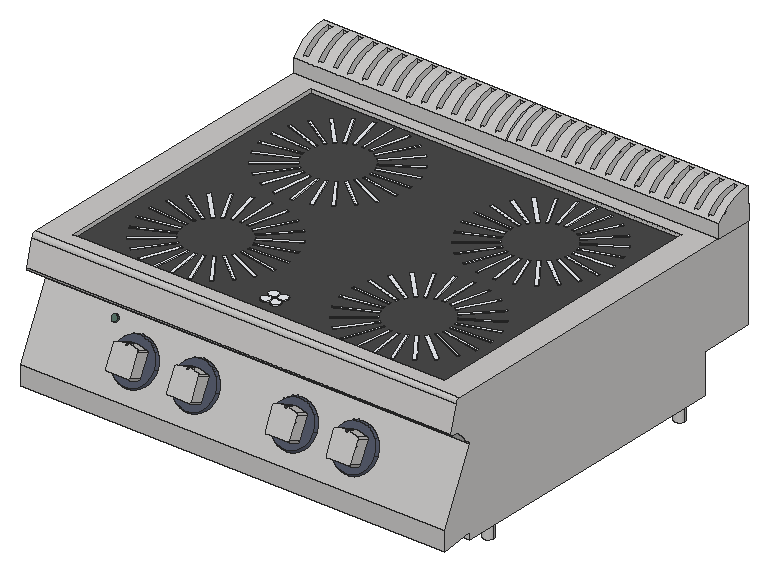
Revit family "QF_ZANUSSI_372025_Z7IREH4000", category Specialty Equipment, Revit 2018
Family settings
  Round Connector Dimension = Use Diameter
  Part Type = Normal
  Work Plane-Based = No
  Always vertical = Yes
  Cut with Voids When Loaded = No
  Shared = No
  Room Calculation Point = No
Parameters
  Width = 800.00 mm  # constant formula
  Weight in Pounds = 77  # constant formula
  Weight = 0.00 kg
  Watts = 8800 W  # constant formula
  Volts = 400 V  # constant formula
  URL Manufacturer = "http://www.zanussiprofessional.com"
  URL Cutsheet = "www.electrolux.com/foodservice"
  URL = "http://www.zanussiprofessional.com"
  Type Mark [instance] = ""
  Steam Supply Size = 0"
  Steam Supply Minimum Pressure = 0.00 psi
  Steam Supply Maximum Pressure = 0.00 psi
  Steam Pounds per Hour = 0
  Status [instance] = ""
  Specification by User [instance] = ""
  Specification by Manufacturer = ""
  Show Logo [instance] = yes
  Show Clearance [instance] = yes
  Serial Number = ""
  Seismic Rating = ""
  SMACNA No = ""
  Revision Code [instance] = ""
  Refrigeration Suction Line Size = 0"
  Refrigeration Liquid Line Size = 0"
  Refrigerant Compressor Remote = yes
  Phase = 3  # constant formula
  Omniclass Number and Title = ""
  Number of Poles [instance] = 1
  NAFEM Spec ID Number = ""
  Model = "Z7IREH4000"
  Min Ckt Ampacity = 0 A
  Max Overcurrent Protection = 0 A
  Masterspec = ""
  Manufacturer = "Zanussi"
  Length Actual = 800.00 mm  # constant formula
  Item Number [instance] = "372025"
  Installed By [instance] = ""
  Identify Quantity as Lot [instance] = yes
  Hot Water Size = 0"
  Height Actual = 250.00 mm  # constant formula
  Height = 332.00 mm  # constant formula
  HP = "11.8 HP"
  Gas Size = 0"
  Gas KW = 0
  Gas Input = 0.0 Btu/h
  Furnished By [instance] = ""
  Foodservice Equipment Identifier [instance] = yes
  FL Amps = if(Phase = 3, Watts / (Volts * 1.73), Watts / Volts)  # 12.7168 A
  Electrical Remarks [instance] = "400 V/3N ph/50/60 Hz"  # constant formula
  Electric Connection Type [instance] = ""
  Elec Conn RI Height [instance] = 0.00 mm
  Elec Conn Connection Height [instance] = 0.00 mm
  Direct Waste Size = 0"
  Description = "INFRARED COOKING TOP 800 MM"
  Depth Actual = 700.00 mm  # constant formula
  Depth = 715.00 mm  # constant formula
  Cycle = if([60 Hertz Option], 60 Hz, 50 Hz)  # 60 Hz
  Conn Plug = ""
  Conn Conduit = yes
  Condensate Return Size = 0"
  Compressed Air Volume = 0 GPM
  Compressed Air Size = 0"
  Compressed Air Pressure = 0.00 psi
  Cold Water Size = 0"
  CSI MasterFormat = ""
  CSI Master Format = ""
  Base Height [instance] = 24.00 mm  # constant formula
  Apparent Power = if(Phase = 3, Volts * FL Amps * 1.73, Volts * FL Amps)  # 8800 VA
  Accessory = yes
  60 Hertz Option = not([50 Hertz Option])  # yes
  50 Hertz Option = no
Reference planes
  plane 1 "BACK": y = 0
  plane 2: z = 0
  plane 3 "LEFT": x = 0
  plane 4 "RIGHT": x = 800
  plane 5 "FRONT": y = -715
  plane 6 "TOP": z = 332
  plane 7 "Center Y": x = 400
  plane 8 "Center X": y = -357.5
  plane 9 "BASE": z = 24
  plane 10 "TOP A": z = 274
  plane 11: y = -597.884
  plane 12: y = -147.637
  plane 13 "panel": through (-6096, -715, 63.746) normal (0, 0.8956, -0.4448)
Forms (mm)
  Extrusion 1, solid, material "QF_Finishes_Stainless Steel"
    sketch origin (0, 0, 0) x (0, 1, 0) y (0, 0, 1)
      loop
        line (0, 98) -> (0, 274) -> (-679.358, 274)
        arc (-679.358, 274) -> (-684.643, 271.811) -> (-686.833, 266.526) r 7.474
        line (-686.833, 266.526) -> (-699.884, 221.011)
        arc (-699.884, 221.011) -> (-699.396, 218.379) -> (-697, 217.184) r 3
        line (-697, 217.184) -> (-686.802, 217.184) -> (-654.982, 185.364) -> (-715, 64.508) -> (-715, 29.508) -> (-658.645, 37.428)
        arc (-658.645, 37.428) -> (-656.101, 36.674) -> (-655, 34.259) r 3.2
        line (-655, 34.259) -> (-655, 24) -> (-103, 24) -> (-103, 98) -> (0, 98)
    from 0 to 800
  Extrusion 2, void
    sketch origin (0, 0, 274) x (-1, 0, 0) y (0, -1, 0)
      loop
        line (-50, 93.262) -> (-50, 653.262) -> (-750, 653.262) -> (-750, 93.262) -> (-50, 93.262)
    from 0 to -6.35
  Extrusion 3, solid, material "QF_Finishes_Stainless Steel"
    sketch origin (0, 0, 0) x (1, 0, 0) y (0, 1, 0)
      loop
        circle (11.112, -147.638) r 9.525
      loop
        circle (11.112, -597.884) r 9.525
      loop
        circle (788.887, -147.638) r 9.525
      loop
        circle (788.887, -597.884) r 9.525
    from 0 to 24
  Extrusion 4, solid, material "QF_Finishes_Stainless Steel"
    sketch origin (11.5, -101.6, 101.788) x (0, 0, -1) y (-1, 0, 0)
      loop
        circle (43.882, -736.5) r 12.7
    from -1.4 to 12.7
  Extrusion 5, solid, material "QF_Finishes_Clearance", visible <- "Show Clearance", detail levels coarse
    sketch origin (0, 0, 0) x (1, 0, 0) y (0, 1, 0)
      loop
        line (0, -715) -> (0, 0) -> (800, 0) -> (800, -715) -> (950.019, -715) -> (950.019, 150.019) -> (-150.019, 150.019) -> (-150.019, -715) -> (0, -715)
    from 0 to 332
  Extrusion 6, solid, material "QF_Finishes_Stainless Steel"
    sketch origin (0, 0, -1.4) x (0, 1, 0) y (0, 0, 1)
      loop
        line (0, 275.4) -> (0, 334.138)
        arc (0, 334.138) -> (-38.879, 325.754) -> (-69.85, 300.8) r 86.156
        line (-69.85, 300.8) -> (-69.85, 275.4) -> (0, 275.4)
    from 0 to 800.1
  Extrusion 7, void
    sketch origin (0, 0, 273.238) x (-1, 0, 0) y (0, -1, 0)
      loop
        line (-13.453, 6.761) -> (-13.453, 63.911) -> (-22.749, 63.911) -> (-22.749, 6.761) -> (-13.453, 6.761)
    from 25.4 to 63.5
  Extrusion 8, void
    sketch origin (361.95, 0, 273.238) x (-1, 0, 0) y (0, -1, 0)
      loop
        line (-13.453, 6.761) -> (-13.453, 63.911) -> (-22.749, 63.911) -> (-22.749, 6.761) -> (-13.453, 6.761)
    from 25.4 to 63.5
  Extrusion 9, void
    sketch origin (27.842, 0, 273.238) x (-1, 0, 0) y (0, -1, 0)
      loop
        line (-13.453, 6.761) -> (-13.453, 63.911) -> (-22.749, 63.911) -> (-22.749, 6.761) -> (-13.453, 6.761)
    from 25.4 to 63.5
  Extrusion 10, void
    sketch origin (55.685, 0, 273.238) x (-1, 0, 0) y (0, -1, 0)
      loop
        line (-13.453, 6.761) -> (-13.453, 63.911) -> (-22.749, 63.911) -> (-22.749, 6.761) -> (-13.453, 6.761)
    from 25.4 to 63.5
  Extrusion 11, void
    sketch origin (83.527, 0, 273.238) x (-1, 0, 0) y (0, -1, 0)
      loop
        line (-13.453, 6.761) -> (-13.453, 63.911) -> (-22.749, 63.911) -> (-22.749, 6.761) -> (-13.453, 6.761)
    from 25.4 to 63.5
  Extrusion 12, void
    sketch origin (111.369, 0, 273.238) x (-1, 0, 0) y (0, -1, 0)
      loop
        line (-13.453, 6.761) -> (-13.453, 63.911) -> (-22.749, 63.911) -> (-22.749, 6.761) -> (-13.453, 6.761)
    from 25.4 to 63.5
  Extrusion 13, void
    sketch origin (139.212, 0, 273.238) x (-1, 0, 0) y (0, -1, 0)
      loop
        line (-13.453, 6.761) -> (-13.453, 63.911) -> (-22.749, 63.911) -> (-22.749, 6.761) -> (-13.453, 6.761)
    from 25.4 to 63.5
  Extrusion 14, void
    sketch origin (167.054, 0, 273.238) x (-1, 0, 0) y (0, -1, 0)
      loop
        line (-13.453, 6.761) -> (-13.453, 63.911) -> (-22.749, 63.911) -> (-22.749, 6.761) -> (-13.453, 6.761)
    from 25.4 to 63.5
  Extrusion 15, void
    sketch origin (194.896, 0, 273.238) x (-1, 0, 0) y (0, -1, 0)
      loop
        line (-13.453, 6.761) -> (-13.453, 63.911) -> (-22.749, 63.911) -> (-22.749, 6.761) -> (-13.453, 6.761)
    from 25.4 to 63.5
  Extrusion 16, void
    sketch origin (222.738, 0, 273.238) x (-1, 0, 0) y (0, -1, 0)
      loop
        line (-13.453, 6.761) -> (-13.453, 63.911) -> (-22.749, 63.911) -> (-22.749, 6.761) -> (-13.453, 6.761)
    from 25.4 to 63.5
  Extrusion 17, void
    sketch origin (250.581, 0, 273.238) x (-1, 0, 0) y (0, -1, 0)
      loop
        line (-13.453, 6.761) -> (-13.453, 63.911) -> (-22.749, 63.911) -> (-22.749, 6.761) -> (-13.453, 6.761)
    from 25.4 to 63.5
  Extrusion 18, void
    sketch origin (278.423, 0, 273.238) x (-1, 0, 0) y (0, -1, 0)
      loop
        line (-13.453, 6.761) -> (-13.453, 63.911) -> (-22.749, 63.911) -> (-22.749, 6.761) -> (-13.453, 6.761)
    from 25.4 to 63.5
  Extrusion 19, void
    sketch origin (306.265, 0, 273.238) x (-1, 0, 0) y (0, -1, 0)
      loop
        line (-13.453, 6.761) -> (-13.453, 63.911) -> (-22.749, 63.911) -> (-22.749, 6.761) -> (-13.453, 6.761)
    from 25.4 to 63.5
  Extrusion 20, void
    sketch origin (334.108, 0, 273.238) x (-1, 0, 0) y (0, -1, 0)
      loop
        line (-13.453, 6.761) -> (-13.453, 63.911) -> (-22.749, 63.911) -> (-22.749, 6.761) -> (-13.453, 6.761)
    from 25.4 to 63.5
  Extrusion 21, void
    sketch origin (800.1, 0, 273.238) x (1, 0, 0) y (0, 1, 0)
      loop
        line (-13.453, -6.761) -> (-22.749, -6.761) -> (-22.749, -63.911) -> (-13.453, -63.911) -> (-13.453, -6.761)
    from 25.4 to 63.5
  Extrusion 22, void
    sketch origin (438.15, 0, 273.238) x (1, 0, 0) y (0, 1, 0)
      loop
        line (-13.453, -6.761) -> (-22.749, -6.761) -> (-22.749, -63.911) -> (-13.453, -63.911) -> (-13.453, -6.761)
    from 25.4 to 63.5
  Extrusion 23, void
    sketch origin (772.258, 0, 273.238) x (1, 0, 0) y (0, 1, 0)
      loop
        line (-13.453, -6.761) -> (-22.749, -6.761) -> (-22.749, -63.911) -> (-13.453, -63.911) -> (-13.453, -6.761)
    from 25.4 to 63.5
  Extrusion 24, void
    sketch origin (744.415, 0, 273.238) x (1, 0, 0) y (0, 1, 0)
      loop
        line (-13.453, -6.761) -> (-22.749, -6.761) -> (-22.749, -63.911) -> (-13.453, -63.911) -> (-13.453, -6.761)
    from 25.4 to 63.5
  Extrusion 25, void
    sketch origin (716.573, 0, 273.238) x (1, 0, 0) y (0, 1, 0)
      loop
        line (-13.453, -6.761) -> (-22.749, -6.761) -> (-22.749, -63.911) -> (-13.453, -63.911) -> (-13.453, -6.761)
    from 25.4 to 63.5
  Extrusion 26, void
    sketch origin (688.731, 0, 273.238) x (1, 0, 0) y (0, 1, 0)
      loop
        line (-13.453, -6.761) -> (-22.749, -6.761) -> (-22.749, -63.911) -> (-13.453, -63.911) -> (-13.453, -6.761)
    from 25.4 to 63.5
  Extrusion 27, void
    sketch origin (660.888, 0, 273.238) x (1, 0, 0) y (0, 1, 0)
      loop
        line (-13.453, -6.761) -> (-22.749, -6.761) -> (-22.749, -63.911) -> (-13.453, -63.911) -> (-13.453, -6.761)
    from 25.4 to 63.5
  Extrusion 28, void
    sketch origin (633.046, 0, 273.238) x (1, 0, 0) y (0, 1, 0)
      loop
        line (-13.453, -6.761) -> (-22.749, -6.761) -> (-22.749, -63.911) -> (-13.453, -63.911) -> (-13.453, -6.761)
    from 25.4 to 63.5
  Extrusion 29, void
    sketch origin (605.204, 0, 273.238) x (1, 0, 0) y (0, 1, 0)
      loop
        line (-13.453, -6.761) -> (-22.749, -6.761) -> (-22.749, -63.911) -> (-13.453, -63.911) -> (-13.453, -6.761)
    from 25.4 to 63.5
  Extrusion 30, void
    sketch origin (577.362, 0, 273.238) x (1, 0, 0) y (0, 1, 0)
      loop
        line (-13.453, -6.761) -> (-22.749, -6.761) -> (-22.749, -63.911) -> (-13.453, -63.911) -> (-13.453, -6.761)
    from 25.4 to 63.5
  Extrusion 31, void
    sketch origin (549.519, 0, 273.238) x (1, 0, 0) y (0, 1, 0)
      loop
        line (-13.453, -6.761) -> (-22.749, -6.761) -> (-22.749, -63.911) -> (-13.453, -63.911) -> (-13.453, -6.761)
    from 25.4 to 63.5
  Extrusion 32, void
    sketch origin (521.677, 0, 273.238) x (1, 0, 0) y (0, 1, 0)
      loop
        line (-13.453, -6.761) -> (-22.749, -6.761) -> (-22.749, -63.911) -> (-13.453, -63.911) -> (-13.453, -6.761)
    from 25.4 to 63.5
  Extrusion 33, void
    sketch origin (493.835, 0, 273.238) x (1, 0, 0) y (0, 1, 0)
      loop
        line (-13.453, -6.761) -> (-22.749, -6.761) -> (-22.749, -63.911) -> (-13.453, -63.911) -> (-13.453, -6.761)
    from 25.4 to 63.5
  Extrusion 34, void
    sketch origin (465.992, 0, 273.238) x (1, 0, 0) y (0, 1, 0)
      loop
        line (-13.453, -6.761) -> (-22.749, -6.761) -> (-22.749, -63.911) -> (-13.453, -63.911) -> (-13.453, -6.761)
    from 25.4 to 63.5
  Extrusion 35, void
    sketch origin (418.151, 0, 273.238) x (1, 0, 0) y (0, 1, 0)
      loop
        line (-16.513, 0) -> (-19.688, 0) -> (-19.688, -69.85) -> (-16.513, -69.85) -> (-16.513, 0)
    from 25.4 to 63.5
  Blend 36, solid, material "QF_Finishes_Navy Blue"
    base sketch origin (192.5, -684.991, 124.174) x (1, 0, 0) y (0, 0.444781, 0.895639)
      loop
        circle (0, 0) r 42.5
    top sketch origin (192.5, -684.991, 124.174) x (1, 0, 0) y (0, 0.444781, 0.895639)
      loop
        circle (0, 0) r 40.5
    from 0 to 5
  Extrusion 37, solid, material "QF_Finishes_Stainless Steel"
    sketch origin (192.5, -684.991, 124.174) x (1, 0, 0) y (0, 0.444781, 0.895639)
      loop
        arc (-21.147, 22.789) -> (-22.494, 21.685) -> (-23, 20.019) r 2.997
        line (-23, 20.019) -> (-23, -20.019)
        arc (-23, -20.019) -> (-22.122, -22.138) -> (-20.003, -23.016) r 2.997
        line (-20.003, -23.016) -> (20.003, -23.016)
        arc (20.003, -23.016) -> (22.122, -22.138) -> (23, -20.019) r 2.997
        line (23, -20.019) -> (23, 20.019)
        arc (23, 20.019) -> (22.494, 21.685) -> (21.147, 22.789) r 2.997
        arc (21.147, 22.789) -> (0, 26.984) -> (-21.147, 22.789) r 55.4
    from 10 to 34
  Extrusion 38, solid, material "QF_Plastic-Black-Matte"
    sketch origin (250, -684.991, 124.174) x (0, 0.444781, 0.895639) y (0, -0.895639, 0.444781)
      loop
        line (26.984, 34) -> (26.984, 19) -> (27.984, 19) -> (27.984, 34)
        arc (27.984, 34) -> (27.691, 34.707) -> (26.984, 35) r 1
        line (26.984, 35) -> (23.984, 35) -> (23.984, 34) -> (26.984, 34)
    from -58.5 to -56.5
  Extrusion 39, solid, material "QF_Finishes_DarkGreen"
    sketch origin (192.5, -662.752, 168.956) x (1, 0, 0) y (0, 0.444781, 0.895639)
      loop
        circle (-55.001, 0) r 6
    from 0 to 1.6
  Extrusion 40, solid, material "QF_Finishes_Stainless Steel"
    sketch origin (192.5, -684.991, 124.174) x (1, 0, 0) y (0, 0.444781, 0.895639)
      loop
        line (17.5, 17.5) -> (-17.5, 17.5) -> (-17.5, -17.5) -> (17.5, -17.5) -> (17.5, 17.5)
    from 5 to 10
  Blend 41, solid, material "QF_Finishes_Navy Blue"
    base sketch origin (307.5, -684.991, 124.174) x (1, 0, 0) y (0, 0.444781, 0.895639)
      loop
        circle (0, 0) r 42.5
    top sketch origin (307.5, -684.991, 124.174) x (1, 0, 0) y (0, 0.444781, 0.895639)
      loop
        circle (0, 0) r 40.5
    from 0 to 5
  Extrusion 42, solid, material "QF_Finishes_Stainless Steel"
    sketch origin (307.5, -684.991, 124.174) x (1, 0, 0) y (0, 0.444781, 0.895639)
      loop
        arc (-21.147, 22.789) -> (-22.494, 21.685) -> (-23, 20.019) r 2.997
        line (-23, 20.019) -> (-23, -20.019)
        arc (-23, -20.019) -> (-22.122, -22.138) -> (-20.003, -23.016) r 2.997
        line (-20.003, -23.016) -> (20.003, -23.016)
        arc (20.003, -23.016) -> (22.122, -22.138) -> (23, -20.019) r 2.997
        line (23, -20.019) -> (23, 20.019)
        arc (23, 20.019) -> (22.494, 21.685) -> (21.147, 22.789) r 2.997
        arc (21.147, 22.789) -> (0, 26.984) -> (-21.147, 22.789) r 55.4
    from 10 to 34
  Extrusion 43, solid, material "QF_Finishes_Stainless Steel"
    sketch origin (307.5, -684.991, 124.174) x (1, 0, 0) y (0, 0.444781, 0.895639)
      loop
        line (17.5, 17.5) -> (-17.5, 17.5) -> (-17.5, -17.5) -> (17.5, -17.5) -> (17.5, 17.5)
    from 5 to 10
  Extrusion 44, solid, material "QF_Plastic-Black-Matte"
    sketch origin (250, -684.991, 124.174) x (0, 0.444781, 0.895639) y (0, 0.895639, -0.444781)
      loop
        line (26.984, -34) -> (23.984, -34) -> (23.984, -35) -> (26.984, -35)
        arc (26.984, -35) -> (27.691, -34.707) -> (27.984, -34) r 1
        line (27.984, -34) -> (27.984, -19) -> (26.984, -19) -> (26.984, -34)
    from -58.5 to -56.5
  Blend 45, solid, material "QF_Finishes_Navy Blue"
    base sketch origin (492.5, -684.991, 124.174) x (1, 0, 0) y (0, 0.444781, 0.895639)
      loop
        circle (0, 0) r 42.5
    top sketch origin (492.5, -684.991, 124.174) x (1, 0, 0) y (0, 0.444781, 0.895639)
      loop
        circle (0, 0) r 40.5
    from 0 to 5
  Extrusion 46, solid, material "QF_Finishes_Stainless Steel"
    sketch origin (492.5, -684.991, 124.174) x (1, 0, 0) y (0, 0.444781, 0.895639)
      loop
        arc (-21.147, 22.789) -> (-22.494, 21.685) -> (-23, 20.019) r 2.997
        line (-23, 20.019) -> (-23, -20.019)
        arc (-23, -20.019) -> (-22.122, -22.138) -> (-20.003, -23.016) r 2.997
        line (-20.003, -23.016) -> (20.003, -23.016)
        arc (20.003, -23.016) -> (22.122, -22.138) -> (23, -20.019) r 2.997
        line (23, -20.019) -> (23, 20.019)
        arc (23, 20.019) -> (22.494, 21.685) -> (21.147, 22.789) r 2.997
        arc (21.147, 22.789) -> (0, 26.984) -> (-21.147, 22.789) r 55.4
    from 10 to 34
  Extrusion 47, solid, material "QF_Plastic-Black-Matte"
    sketch origin (550, -684.991, 124.174) x (0, 0.444781, 0.895639) y (0, -0.895639, 0.444781)
      loop
        line (26.984, 34) -> (26.984, 19) -> (27.984, 19) -> (27.984, 34)
        arc (27.984, 34) -> (27.691, 34.707) -> (26.984, 35) r 1
        line (26.984, 35) -> (23.984, 35) -> (23.984, 34) -> (26.984, 34)
    from -58.5 to -56.5
  Extrusion 48, solid, material "QF_Finishes_Stainless Steel"
    sketch origin (492.5, -684.991, 124.174) x (1, 0, 0) y (0, 0.444781, 0.895639)
      loop
        line (17.5, 17.5) -> (-17.5, 17.5) -> (-17.5, -17.5) -> (17.5, -17.5) -> (17.5, 17.5)
    from 5 to 10
  Blend 49, solid, material "QF_Finishes_Navy Blue"
    base sketch origin (607.5, -684.991, 124.174) x (1, 0, 0) y (0, 0.444781, 0.895639)
      loop
        circle (0, 0) r 42.5
    top sketch origin (607.5, -684.991, 124.174) x (1, 0, 0) y (0, 0.444781, 0.895639)
      loop
        circle (0, 0) r 40.5
    from 0 to 5
  Extrusion 50, solid, material "QF_Finishes_Stainless Steel"
    sketch origin (607.5, -684.991, 124.174) x (1, 0, 0) y (0, 0.444781, 0.895639)
      loop
        arc (-21.147, 22.789) -> (-22.494, 21.685) -> (-23, 20.019) r 2.997
        line (-23, 20.019) -> (-23, -20.019)
        arc (-23, -20.019) -> (-22.122, -22.138) -> (-20.003, -23.016) r 2.997
        line (-20.003, -23.016) -> (20.003, -23.016)
        arc (20.003, -23.016) -> (22.122, -22.138) -> (23, -20.019) r 2.997
        line (23, -20.019) -> (23, 20.019)
        arc (23, 20.019) -> (22.494, 21.685) -> (21.147, 22.789) r 2.997
        arc (21.147, 22.789) -> (0, 26.984) -> (-21.147, 22.789) r 55.4
    from 10 to 34
  Extrusion 51, solid, material "QF_Finishes_Stainless Steel"
    sketch origin (607.5, -684.991, 124.174) x (1, 0, 0) y (0, 0.444781, 0.895639)
      loop
        line (17.5, 17.5) -> (-17.5, 17.5) -> (-17.5, -17.5) -> (17.5, -17.5) -> (17.5, 17.5)
    from 5 to 10
  Extrusion 52, solid, material "QF_Plastic-Black-Matte"
    sketch origin (550, -684.991, 124.174) x (0, 0.444781, 0.895639) y (0, 0.895639, -0.444781)
      loop
        line (26.984, -34) -> (23.984, -34) -> (23.984, -35) -> (26.984, -35)
        arc (26.984, -35) -> (27.691, -34.707) -> (27.984, -34) r 1
        line (27.984, -34) -> (27.984, -19) -> (26.984, -19) -> (26.984, -34)
    from -58.5 to -56.5
  Extrusion 53, solid, material "QF_Finishes_White"
    sketch origin (0.5, 1, 273.238) x (-1, 0, 0) y (0, -1, 0)
      loop
        circle (-408.5, 607.884) r 9
    from 0 to 0.8
  Extrusion 54, solid, material "QF_Finishes_White"
    sketch origin (799.5, 1, 273.237) x (1, 0, 0) y (0, 1, 0)
      loop
        circle (-408.5, -607.884) r 9
    from 0 to 0.8
  Extrusion 55, solid, material "QF_Finishes_White"
    sketch origin (0.5, -1232.769, 273.238) x (-1, 0, 0) y (0, -1, 0)
      loop
        circle (-408.5, -607.884) r 9
    from 0 to 0.8
  Extrusion 56, solid, material "QF_Finishes_White"
    sketch origin (799.5, -1232.769, 273.237) x (1, 0, 0) y (0, 1, 0)
      loop
        circle (-408.5, 607.884) r 9
    from 0 to 0.8
Cuts and joins
  Extrusion 2, Extrusion 7, Extrusion 8, Extrusion 9, Extrusion 10, Extrusion 11, Extrusion 12, Extrusion 13, Extrusion 14, Extrusion 15, Extrusion 16, Extrusion 17, Extrusion 18, Extrusion 19, Extrusion 20, Extrusion 21, Extrusion 22, Extrusion 23, Extrusion 24, Extrusion 25, Extrusion 26, Extrusion 27, Extrusion 28, Extrusion 29, Extrusion 30, Extrusion 31, Extrusion 32, Extrusion 33, Extrusion 34, Extrusion 35 cuts Extrusion 1
  Extrusion 7 cuts Extrusion 5
  Extrusion 7, Extrusion 8, Extrusion 9, Extrusion 10, Extrusion 11, Extrusion 12, Extrusion 13, Extrusion 14, Extrusion 15, Extrusion 16, Extrusion 17, Extrusion 18, Extrusion 19, Extrusion 20, Extrusion 21, Extrusion 22, Extrusion 23, Extrusion 24, Extrusion 25, Extrusion 26, Extrusion 27, Extrusion 28, Extrusion 29, Extrusion 30, Extrusion 31, Extrusion 32, Extrusion 33, Extrusion 34, Extrusion 35 cuts Extrusion 6
Lines and regions (mm)
  Split face 1
    outline origin (192.401, -689.469, 126.397) x (1, 0, 0) y (0, 0.444781, 0.895639)
      loop
        line (-8.901, 38.561) -> (-8.901, 28.561) -> (-2.901, 28.561) -> (-2.901, 38.561) -> (-8.901, 38.561)
  Split face 2
    outline origin (192.401, -689.469, 126.397) x (1, 0, 0) y (0, 0.444781, 0.895639)
      loop
        line (-8.401, 38.061) -> (-8.401, 29.061) -> (-3.401, 29.061) -> (-3.401, 38.061) -> (-8.401, 38.061)
  Split face 3
    outline origin (192.401, -689.469, 126.397) x (1, 0, 0) y (0, 0.444781, 0.895639)
      loop
        line (-8.401, 34.061) -> (-3.401, 34.061)
  Split face 4
    outline origin (192.401, -689.469, 126.397) x (1, 0, 0) y (0, 0.444781, 0.895639)
      loop
        line (-8.401, 33.561) -> (-3.401, 33.561)
  Split face 5
    outline origin (192.401, -689.469, 126.397) x (1, 0, 0) y (0, 0.444781, 0.895639)
      loop
        circle (-5.901, 31.311) r 2.029
  Split face 6
    outline origin (192.5, -689.469, 126.397) x (0, -0.444781, -0.895639) y (1, 0, 0)
      loop
        circle (-34, 0) r 1.5
  Split face 7
    outline origin (307.5, -689.469, 126.397) x (0, -0.444781, -0.895639) y (1, 0, 0)
      loop
        circle (-34, 0) r 1.5
  Split face 8
    outline origin (301.5, -689.469, 126.397) x (1, 0, 0) y (0, 0.444781, 0.895639)
      loop
        line (-3, 38.561) -> (-3, 28.561) -> (3, 28.561) -> (3, 38.561) -> (-3, 38.561)
  Split face 9
    outline origin (301.5, -689.469, 126.397) x (1, 0, 0) y (0, 0.444781, 0.895639)
      loop
        line (-2.5, 38.061) -> (-2.5, 29.061) -> (2.5, 29.061) -> (2.5, 38.061) -> (-2.5, 38.061)
  Split face 10
    outline origin (301.5, -689.469, 126.397) x (1, 0, 0) y (0, 0.444781, 0.895639)
      loop
        line (-2.5, 33.561) -> (2.5, 33.561)
  Split face 11
    outline origin (301.5, -689.469, 126.397) x (1, 0, 0) y (0, 0.444781, 0.895639)
      loop
        line (-2.5, 33.061) -> (2.5, 33.061)
  Split face 12
    outline origin (301.5, -689.469, 126.397) x (1, 0, 0) y (0, 0.444781, 0.895639)
      loop
        circle (0, 35.811) r 2.031
  Split face 13
    outline origin (192.5, -689.469, 126.397) x (0.5, 0.385192, 0.775646) y (-0.866025, 0.222391, 0.44782)
      loop
        circle (-34, 0) r 1.5
  Split face 14
    outline origin (192.5, -689.469, 126.397) x (0.766044, -0.2859, -0.575706) y (0.642788, 0.340722, 0.686099)
      loop
        circle (-34, 0) r 1.5
  Split face 15
    outline origin (192.5, -689.469, 126.397) x (0.984808, 0.077235, 0.155526) y (-0.173648, 0.438024, 0.882032)
      loop
        circle (-34, 0) r 1.5
  Split face 16
    outline origin (192.5, -689.469, 126.397) x (0.984808, 0.077235, 0.155526) y (0.173648, -0.438024, -0.882032)
      loop
        circle (31.95, 11.629) r 1.5
  Split face 17
    outline origin (192.5, -689.469, 126.397) x (-0.5, 0.385192, 0.775646) y (0.866025, 0.222391, 0.44782)
      loop
        circle (-34, 0) r 1.5
  Split face 18
    outline origin (192.5, -689.469, 126.397) x (-0.766044, -0.2859, -0.575706) y (-0.642788, 0.340722, 0.686099)
      loop
        circle (-34, 0) r 1.5
  Split face 19
    outline origin (307.5, -689.469, 126.397) x (0.5, 0.385192, 0.775646) y (-0.866025, 0.222391, 0.44782)
      loop
        circle (-34, 0) r 1.5
  Split face 20
    outline origin (307.5, -689.469, 126.397) x (0.766044, -0.2859, -0.575706) y (0.642788, 0.340722, 0.686099)
      loop
        circle (-34, 0) r 1.5
  Split face 21
    outline origin (307.5, -689.469, 126.397) x (0.984808, 0.077235, 0.155526) y (-0.173648, 0.438024, 0.882032)
      loop
        circle (-34, 0) r 1.5
  Split face 22
    outline origin (307.5, -689.469, 126.397) x (-0.5, 0.385192, 0.775646) y (0.866025, 0.222391, 0.44782)
      loop
        circle (-34, 0) r 1.5
  Split face 23
    outline origin (307.5, -689.469, 126.397) x (-0.766044, -0.2859, -0.575706) y (-0.642788, 0.340722, 0.686099)
      loop
        circle (-34, 0) r 1.5
  Split face 24
    outline origin (307.5, -689.469, 126.397) x (-0.984808, 0.077235, 0.155526) y (0.173648, 0.438024, 0.882032)
      loop
        circle (-34, 0) r 1.5
  Split face 25
    outline origin (492.401, -689.469, 126.397) x (1, 0, 0) y (0, 0.444781, 0.895639)
      loop
        line (-8.901, 38.561) -> (-8.901, 28.561) -> (-2.901, 28.561) -> (-2.901, 38.561) -> (-8.901, 38.561)
  Split face 26
    outline origin (492.401, -689.469, 126.397) x (1, 0, 0) y (0, 0.444781, 0.895639)
      loop
        line (-8.401, 38.061) -> (-8.401, 29.061) -> (-3.401, 29.061) -> (-3.401, 38.061) -> (-8.401, 38.061)
  Split face 27
    outline origin (492.401, -689.469, 126.397) x (1, 0, 0) y (0, 0.444781, 0.895639)
      loop
        line (-8.401, 34.061) -> (-3.401, 34.061)
  Split face 28
    outline origin (492.401, -689.469, 126.397) x (1, 0, 0) y (0, 0.444781, 0.895639)
      loop
        line (-8.401, 33.561) -> (-3.401, 33.561)
  Split face 29
    outline origin (492.401, -689.469, 126.397) x (1, 0, 0) y (0, 0.444781, 0.895639)
      loop
        circle (-5.901, 31.311) r 2.029
  Split face 30
    outline origin (492.5, -689.469, 126.397) x (0, -0.444781, -0.895639) y (1, 0, 0)
      loop
        circle (-34, 0) r 1.5
  Split face 31
    outline origin (607.5, -689.469, 126.397) x (0, -0.444781, -0.895639) y (1, 0, 0)
      loop
        circle (-34, 0) r 1.5
  Split face 32
    outline origin (601.5, -689.469, 126.397) x (1, 0, 0) y (0, 0.444781, 0.895639)
      loop
        line (-3, 38.561) -> (-3, 28.561) -> (3, 28.561) -> (3, 38.561) -> (-3, 38.561)
  Split face 33
    outline origin (601.5, -689.469, 126.397) x (1, 0, 0) y (0, 0.444781, 0.895639)
      loop
        line (-2.5, 38.061) -> (-2.5, 29.061) -> (2.5, 29.061) -> (2.5, 38.061) -> (-2.5, 38.061)
  Split face 34
    outline origin (601.5, -689.469, 126.397) x (1, 0, 0) y (0, 0.444781, 0.895639)
      loop
        line (-2.5, 33.561) -> (2.5, 33.561)
  Split face 35
    outline origin (601.5, -689.469, 126.397) x (1, 0, 0) y (0, 0.444781, 0.895639)
      loop
        line (-2.5, 33.061) -> (2.5, 33.061)
  Split face 36
    outline origin (601.5, -689.469, 126.397) x (1, 0, 0) y (0, 0.444781, 0.895639)
      loop
        circle (0, 35.811) r 2.031
  Split face 37
    outline origin (492.5, -689.469, 126.397) x (0.5, 0.385192, 0.775646) y (-0.866025, 0.222391, 0.44782)
      loop
        circle (-34, 0) r 1.5
  Split face 38
    outline origin (492.5, -689.469, 126.397) x (0.766044, -0.2859, -0.575706) y (0.642788, 0.340722, 0.686099)
      loop
        circle (-34, 0) r 1.5
  Split face 39
    outline origin (492.5, -689.469, 126.397) x (0.984808, 0.077235, 0.155526) y (-0.173648, 0.438024, 0.882032)
      loop
        circle (-34, 0) r 1.5
  Split face 40
    outline origin (492.5, -689.469, 126.397) x (0.984808, 0.077235, 0.155526) y (0.173648, -0.438024, -0.882032)
      loop
        circle (31.95, 11.629) r 1.5
  Split face 41
    outline origin (492.5, -689.469, 126.397) x (-0.5, 0.385192, 0.775646) y (0.866025, 0.222391, 0.44782)
      loop
        circle (-34, 0) r 1.5
  Split face 42
    outline origin (492.5, -689.469, 126.397) x (-0.766044, -0.2859, -0.575706) y (-0.642788, 0.340722, 0.686099)
      loop
        circle (-34, 0) r 1.5
  Split face 43
    outline origin (607.5, -689.469, 126.397) x (0.5, 0.385192, 0.775646) y (-0.866025, 0.222391, 0.44782)
      loop
        circle (-34, 0) r 1.5
  Split face 44
    outline origin (607.5, -689.469, 126.397) x (0.766044, -0.2859, -0.575706) y (0.642788, 0.340722, 0.686099)
      loop
        circle (-34, 0) r 1.5
  Split face 45
    outline origin (607.5, -689.469, 126.397) x (0.984808, 0.077235, 0.155526) y (-0.173648, 0.438024, 0.882032)
      loop
        circle (-34, 0) r 1.5
  Split face 46
    outline origin (607.5, -689.469, 126.397) x (-0.5, 0.385192, 0.775646) y (0.866025, 0.222391, 0.44782)
      loop
        circle (-34, 0) r 1.5
  Split face 47
    outline origin (607.5, -689.469, 126.397) x (-0.766044, -0.2859, -0.575706) y (-0.642788, 0.340722, 0.686099)
      loop
        circle (-34, 0) r 1.5
  Split face 48
    outline origin (607.5, -689.469, 126.397) x (-0.984808, 0.077235, 0.155526) y (0.173648, 0.438024, 0.882032)
      loop
        circle (-34, 0) r 1.5
  symbolic lines, style "QF-Clearances", visible <- "Show Clearance", detail levels coarse
    curve 1: line (-150.019, 150.019, 274) -> (-150.019, -716.377, 274)
    curve 2: line (950.019, 150.019, 274) -> (-150.019, 150.019, 274)
    curve 3: line (950.019, -716.377, 274) -> (950.019, 150.019, 274)
  symbolic lines
    curve 4: line (0, 0, 274) -> (800, 0, 274)
    curve 5: line (0, -715, 274) -> (0, 0, 274)
    curve 6: line (800, 0, 274) -> (800, -715, 274)
    curve 7: line (231.725, -69.85, 274) -> (0, -69.85, 274)
    curve 8: line (0, -69.85, 274) -> (0, -120.65, 274)
    curve 9: line (0, -69.85, 274) -> (398.546, -69.85, 274)
    curve 10: line (800, -715, 274) -> (0, -715, 274)
    curve 11: line (726.512, -356.903, 267.65) -> (738.006, -356.903, 267.65)
    curve 12: line (726.512, -389.159, 267.65) -> (726.512, -356.903, 267.65)
    curve 13: line (738.006, -389.159, 267.65) -> (726.512, -389.159, 267.65)
    curve 14: line (738.006, -356.903, 267.65) -> (738.006, -389.159, 267.65)
    curve 15: line (50, -653.262, 267.65) -> (50, -93.262, 267.65)
    curve 16: line (50, -93.262, 267.65) -> (750, -93.262, 267.65)
    curve 17: line (750, -93.262, 267.65) -> (750, -653.262, 267.65)
    curve 18: line (750, -653.262, 267.65) -> (50, -653.262, 267.65)
    curve 19: line (13.453, -63.911, 267.65) -> (13.453, -6.761, 267.65)
    curve 20: line (13.453, -6.761, 267.65) -> (22.749, -6.761, 267.65)
    curve 21: line (22.749, -6.761, 267.65) -> (22.749, -63.911, 267.65)
    curve 22: line (22.749, -63.911, 267.65) -> (13.453, -63.911, 267.65)
    curve 23: line (375.403, -63.911, 267.65) -> (375.403, -6.761, 267.65)
    curve 24: line (375.403, -6.761, 267.65) -> (384.699, -6.761, 267.65)
    curve 25: line (384.699, -6.761, 267.65) -> (384.699, -63.911, 267.65)
    curve 26: line (384.699, -63.911, 267.65) -> (375.403, -63.911, 267.65)
    curve 27: line (41.295, -63.911, 267.65) -> (41.295, -6.761, 267.65)
    curve 28: line (41.295, -6.761, 267.65) -> (50.591, -6.761, 267.65)
    curve 29: line (50.591, -6.761, 267.65) -> (50.591, -63.911, 267.65)
    curve 30: line (50.591, -63.911, 267.65) -> (41.295, -63.911, 267.65)
    curve 31: line (69.137, -63.911, 267.65) -> (69.137, -6.761, 267.65)
    curve 32: line (69.137, -6.761, 267.65) -> (78.433, -6.761, 267.65)
    curve 33: line (78.433, -6.761, 267.65) -> (78.433, -63.911, 267.65)
    curve 34: line (78.433, -63.911, 267.65) -> (69.137, -63.911, 267.65)
    curve 35: line (96.98, -63.911, 267.65) -> (96.98, -6.761, 267.65)
    curve 36: line (96.98, -6.761, 267.65) -> (106.275, -6.761, 267.65)
    curve 37: line (106.275, -6.761, 267.65) -> (106.275, -63.911, 267.65)
    curve 38: line (106.275, -63.911, 267.65) -> (96.98, -63.911, 267.65)
    curve 39: line (124.822, -63.911, 267.65) -> (124.822, -6.761, 267.65)
    curve 40: line (124.822, -6.761, 267.65) -> (134.118, -6.761, 267.65)
    curve 41: line (134.118, -6.761, 267.65) -> (134.118, -63.911, 267.65)
    curve 42: line (134.118, -63.911, 267.65) -> (124.822, -63.911, 267.65)
    curve 43: line (152.664, -63.911, 267.65) -> (152.664, -6.761, 267.65)
    curve 44: line (152.664, -6.761, 267.65) -> (161.96, -6.761, 267.65)
    curve 45: line (161.96, -6.761, 267.65) -> (161.96, -63.911, 267.65)
    curve 46: line (161.96, -63.911, 267.65) -> (152.664, -63.911, 267.65)
    curve 47: line (180.507, -63.911, 267.65) -> (180.507, -6.761, 267.65)
    curve 48: line (180.507, -6.761, 267.65) -> (189.802, -6.761, 267.65)
    curve 49: line (189.802, -6.761, 267.65) -> (189.802, -63.911, 267.65)
    curve 50: line (189.802, -63.911, 267.65) -> (180.507, -63.911, 267.65)
    curve 51: line (208.349, -63.911, 267.65) -> (208.349, -6.761, 267.65)
    curve 52: line (208.349, -6.761, 267.65) -> (217.645, -6.761, 267.65)
    curve 53: line (217.645, -6.761, 267.65) -> (217.645, -63.911, 267.65)
    curve 54: line (217.645, -63.911, 267.65) -> (208.349, -63.911, 267.65)
    curve 55: line (236.191, -63.911, 267.65) -> (236.191, -6.761, 267.65)
    curve 56: line (236.191, -6.761, 267.65) -> (245.487, -6.761, 267.65)
    curve 57: line (245.487, -6.761, 267.65) -> (245.487, -63.911, 267.65)
    curve 58: line (245.487, -63.911, 267.65) -> (236.191, -63.911, 267.65)
    curve 59: line (264.034, -63.911, 267.65) -> (264.034, -6.761, 267.65)
    curve 60: line (264.034, -6.761, 267.65) -> (273.329, -6.761, 267.65)
    curve 61: line (273.329, -6.761, 267.65) -> (273.329, -63.911, 267.65)
    curve 62: line (273.329, -63.911, 267.65) -> (264.034, -63.911, 267.65)
    curve 63: line (291.876, -63.911, 267.65) -> (291.876, -6.761, 267.65)
    curve 64: line (291.876, -6.761, 267.65) -> (301.172, -6.761, 267.65)
    curve 65: line (301.172, -6.761, 267.65) -> (301.172, -63.911, 267.65)
    curve 66: line (301.172, -63.911, 267.65) -> (291.876, -63.911, 267.65)
    curve 67: line (319.718, -63.911, 267.65) -> (319.718, -6.761, 267.65)
    curve 68: line (319.718, -6.761, 267.65) -> (329.014, -6.761, 267.65)
    curve 69: line (329.014, -6.761, 267.65) -> (329.014, -63.911, 267.65)
    curve 70: line (329.014, -63.911, 267.65) -> (319.718, -63.911, 267.65)
    curve 71: line (347.561, -63.911, 267.65) -> (347.561, -6.761, 267.65)
    curve 72: line (347.561, -6.761, 267.65) -> (356.856, -6.761, 267.65)
    curve 73: line (356.856, -6.761, 267.65) -> (356.856, -63.911, 267.65)
    curve 74: line (356.856, -63.911, 267.65) -> (347.561, -63.911, 267.65)
    curve 75: line (786.547, -63.911, 267.65) -> (786.547, -6.761, 267.65)
    curve 76: line (786.547, -6.761, 267.65) -> (777.251, -6.761, 267.65)
    curve 77: line (777.251, -6.761, 267.65) -> (777.251, -63.911, 267.65)
    curve 78: line (777.251, -63.911, 267.65) -> (786.547, -63.911, 267.65)
    curve 79: line (424.597, -63.911, 267.65) -> (424.597, -6.761, 267.65)
    curve 80: line (424.597, -6.761, 267.65) -> (415.301, -6.761, 267.65)
    curve 81: line (415.301, -6.761, 267.65) -> (415.301, -63.911, 267.65)
    curve 82: line (415.301, -63.911, 267.65) -> (424.597, -63.911, 267.65)
    curve 83: line (758.705, -63.911, 267.65) -> (758.705, -6.761, 267.65)
    curve 84: line (758.705, -6.761, 267.65) -> (749.409, -6.761, 267.65)
    curve 85: line (749.409, -6.761, 267.65) -> (749.409, -63.911, 267.65)
    curve 86: line (749.409, -63.911, 267.65) -> (758.705, -63.911, 267.65)
    curve 87: line (730.863, -63.911, 267.65) -> (730.863, -6.761, 267.65)
    curve 88: line (730.863, -6.761, 267.65) -> (721.567, -6.761, 267.65)
    curve 89: line (721.567, -6.761, 267.65) -> (721.567, -63.911, 267.65)
    curve 90: line (721.567, -63.911, 267.65) -> (730.863, -63.911, 267.65)
    curve 91: line (703.02, -63.911, 267.65) -> (703.02, -6.761, 267.65)
    curve 92: line (703.02, -6.761, 267.65) -> (693.725, -6.761, 267.65)
    curve 93: line (693.725, -6.761, 267.65) -> (693.725, -63.911, 267.65)
    curve 94: line (693.725, -63.911, 267.65) -> (703.02, -63.911, 267.65)
    curve 95: line (675.178, -63.911, 267.65) -> (675.178, -6.761, 267.65)
    curve 96: line (675.178, -6.761, 267.65) -> (665.882, -6.761, 267.65)
    curve 97: line (665.882, -6.761, 267.65) -> (665.882, -63.911, 267.65)
    curve 98: line (665.882, -63.911, 267.65) -> (675.178, -63.911, 267.65)
    curve 99: line (647.336, -63.911, 267.65) -> (647.336, -6.761, 267.65)
    curve 100: line (647.336, -6.761, 267.65) -> (638.04, -6.761, 267.65)
    curve 101: line (638.04, -6.761, 267.65) -> (638.04, -63.911, 267.65)
    curve 102: line (638.04, -63.911, 267.65) -> (647.336, -63.911, 267.65)
    curve 103: line (619.493, -63.911, 267.65) -> (619.493, -6.761, 267.65)
    curve 104: line (619.493, -6.761, 267.65) -> (610.198, -6.761, 267.65)
    curve 105: line (610.198, -6.761, 267.65) -> (610.198, -63.911, 267.65)
    curve 106: line (610.198, -63.911, 267.65) -> (619.493, -63.911, 267.65)
    curve 107: line (591.651, -63.911, 267.65) -> (591.651, -6.761, 267.65)
    curve 108: line (591.651, -6.761, 267.65) -> (582.355, -6.761, 267.65)
    curve 109: line (582.355, -6.761, 267.65) -> (582.355, -63.911, 267.65)
    curve 110: line (582.355, -63.911, 267.65) -> (591.651, -63.911, 267.65)
    curve 111: line (563.809, -63.911, 267.65) -> (563.809, -6.761, 267.65)
    curve 112: line (563.809, -6.761, 267.65) -> (554.513, -6.761, 267.65)
    curve 113: line (554.513, -6.761, 267.65) -> (554.513, -63.911, 267.65)
    curve 114: line (554.513, -63.911, 267.65) -> (563.809, -63.911, 267.65)
    curve 115: line (535.966, -63.911, 267.65) -> (535.966, -6.761, 267.65)
    curve 116: line (535.966, -6.761, 267.65) -> (526.671, -6.761, 267.65)
    curve 117: line (526.671, -6.761, 267.65) -> (526.671, -63.911, 267.65)
    curve 118: line (526.671, -63.911, 267.65) -> (535.966, -63.911, 267.65)
    curve 119: line (508.124, -63.911, 267.65) -> (508.124, -6.761, 267.65)
    curve 120: line (508.124, -6.761, 267.65) -> (498.828, -6.761, 267.65)
    curve 121: line (498.828, -6.761, 267.65) -> (498.828, -63.911, 267.65)
    curve 122: line (498.828, -63.911, 267.65) -> (508.124, -63.911, 267.65)
    curve 123: line (480.282, -63.911, 267.65) -> (480.282, -6.761, 267.65)
    curve 124: line (480.282, -6.761, 267.65) -> (470.986, -6.761, 267.65)
    curve 125: line (470.986, -6.761, 267.65) -> (470.986, -63.911, 267.65)
    curve 126: line (470.986, -63.911, 267.65) -> (480.282, -63.911, 267.65)
    curve 127: line (452.439, -63.911, 267.65) -> (452.439, -6.761, 267.65)
    curve 128: line (452.439, -6.761, 267.65) -> (443.144, -6.761, 267.65)
    curve 129: line (443.144, -6.761, 267.65) -> (443.144, -63.911, 267.65)
    curve 130: line (443.144, -63.911, 267.65) -> (452.439, -63.911, 267.65)
    curve 131: line (401.638, -69.85, 267.65) -> (401.638, 0, 267.65)
    curve 132: line (398.463, 0, 267.65) -> (398.463, -69.85, 267.65)
    curve 133: line (401.729, -69.85, 274) -> (800, -69.85, 274)
    curve 134: circle (391, -606.884, 273.237) r 9 normal (0, 0, 1)
    curve 135: circle (409, -606.884, 273.237) r 9 normal (0, 0, 1)
    curve 136: circle (391, -624.884, 273.237) r 9 normal (0, 0, 1)
    curve 137: circle (409, -624.884, 273.237) r 9 normal (0, 0, 1)
    curve 138: line (0, -700, 0) -> (800, -700, 0)
    curve 139: line (169.5, -700, 0) -> (169.5, -724.347, 0)
    curve 140: arc (169.5, -724.347, 0) -> (169.646, -724.811, 0) -> (170.032, -725.107, 0) r 0.809
    curve 141: arc (170.032, -725.107, 0) -> (171.22, -725.587, 0) -> (172.497, -725.68, 0) r 4.127
    curve 142: arc (169.5, -704.292, 0) -> (164.459, -702.458, 0) -> (159.691, -700, 0) r 42.24
    curve 143: arc (169.5, -706.539, 0) -> (170.002, -705.818, 0) -> (170.799, -705.448, 0) r 1.682
    curve 144: arc (170.799, -705.448, 0) -> (181.102, -703.95, 0) -> (191.5, -703.441, 0) r 109.079
    curve 145: line (191.5, -700, 0) -> (191.5, -705.671, 0)
    curve 146: line (191.5, -705.671, 0) -> (193.5, -705.671, 0)
    curve 147: line (193.5, -705.671, 0) -> (193.5, -700, 0)
    curve 148: line (215.5, -700, 0) -> (215.5, -724.347, 0)
    curve 149: arc (215.5, -724.347, 0) -> (215.354, -724.811, 0) -> (214.968, -725.107, 0) r 0.809
    curve 150: arc (214.968, -725.107, 0) -> (213.78, -725.587, 0) -> (212.503, -725.68, 0) r 4.127
    curve 151: arc (215.5, -704.292, 0) -> (220.541, -702.458, 0) -> (225.309, -700, 0) r 42.24
    curve 152: arc (215.5, -706.539, 0) -> (214.998, -705.818, 0) -> (214.201, -705.448, 0) r 1.682
    curve 153: arc (214.201, -705.448, 0) -> (203.898, -703.95, 0) -> (193.5, -703.441, 0) r 109.079
    curve 154: line (172.497, -725.68, 0) -> (212.503, -725.68, 0)
    curve 155: line (330.5, -700, 0) -> (330.5, -724.347, 0)
    curve 156: arc (330.5, -724.347, 0) -> (330.354, -724.811, 0) -> (329.968, -725.107, 0) r 0.809
    curve 157: arc (329.968, -725.107, 0) -> (328.78, -725.587, 0) -> (327.503, -725.68, 0) r 4.127
    curve 158: arc (330.5, -704.292, 0) -> (335.541, -702.458, 0) -> (340.309, -700, 0) r 42.24
    curve 159: arc (330.5, -706.539, 0) -> (329.998, -705.818, 0) -> (329.201, -705.448, 0) r 1.682
    curve 160: arc (329.201, -705.448, 0) -> (318.898, -703.95, 0) -> (308.5, -703.441, 0) r 109.079
    curve 161: line (308.5, -700, 0) -> (308.5, -705.671, 0)
    curve 162: line (308.5, -705.671, 0) -> (306.5, -705.671, 0)
    curve 163: line (306.5, -705.671, 0) -> (306.5, -700, 0)
    curve 164: line (284.5, -700, 0) -> (284.5, -724.347, 0)
    curve 165: arc (284.5, -724.347, 0) -> (284.646, -724.811, 0) -> (285.032, -725.107, 0) r 0.809
    curve 166: arc (285.032, -725.107, 0) -> (286.22, -725.587, 0) -> (287.497, -725.68, 0) r 4.127
    curve 167: arc (284.5, -704.292, 0) -> (279.459, -702.458, 0) -> (274.691, -700, 0) r 42.24
    curve 168: arc (284.5, -706.539, 0) -> (285.002, -705.818, 0) -> (285.799, -705.448, 0) r 1.682
    curve 169: arc (285.799, -705.448, 0) -> (296.102, -703.95, 0) -> (306.5, -703.441, 0) r 109.079
    curve 170: line (327.503, -725.68, 0) -> (287.497, -725.68, 0)
    curve 171: line (215.5, -715, 0) -> (284.5, -715, 0)
    curve 172: line (330.5, -715, 0) -> (469.5, -715, 0)
    curve 173: line (0, -715, 0) -> (169.5, -715, 0)
    curve 174: line (469.5, -700, 0) -> (469.5, -724.347, 0)
    curve 175: arc (469.5, -724.347, 0) -> (469.646, -724.811, 0) -> (470.032, -725.107, 0) r 0.809
    curve 176: arc (470.032, -725.107, 0) -> (471.22, -725.587, 0) -> (472.497, -725.68, 0) r 4.127
    curve 177: arc (469.5, -704.292, 0) -> (464.459, -702.458, 0) -> (459.691, -700, 0) r 42.24
    curve 178: arc (469.5, -706.539, 0) -> (470.002, -705.818, 0) -> (470.799, -705.448, 0) r 1.682
    curve 179: arc (470.799, -705.448, 0) -> (481.102, -703.95, 0) -> (491.5, -703.441, 0) r 109.079
    curve 180: line (491.5, -700, 0) -> (491.5, -705.671, 0)
    curve 181: line (491.5, -705.671, 0) -> (493.5, -705.671, 0)
    curve 182: line (493.5, -705.671, 0) -> (493.5, -700, 0)
    curve 183: line (515.5, -700, 0) -> (515.5, -724.347, 0)
    curve 184: arc (515.5, -724.347, 0) -> (515.354, -724.811, 0) -> (514.968, -725.107, 0) r 0.809
    curve 185: arc (514.968, -725.107, 0) -> (513.78, -725.587, 0) -> (512.503, -725.68, 0) r 4.127
    curve 186: arc (515.5, -704.292, 0) -> (520.541, -702.458, 0) -> (525.309, -700, 0) r 42.24
    curve 187: arc (515.5, -706.539, 0) -> (514.998, -705.818, 0) -> (514.201, -705.448, 0) r 1.682
    curve 188: arc (514.201, -705.448, 0) -> (503.898, -703.95, 0) -> (493.5, -703.441, 0) r 109.079
    curve 189: line (472.497, -725.68, 0) -> (512.503, -725.68, 0)
    curve 190: line (630.5, -700, 0) -> (630.5, -724.347, 0)
    curve 191: arc (630.5, -724.347, 0) -> (630.354, -724.811, 0) -> (629.968, -725.107, 0) r 0.809
    curve 192: arc (629.968, -725.107, 0) -> (628.78, -725.587, 0) -> (627.503, -725.68, 0) r 4.127
    curve 193: arc (630.5, -704.292, 0) -> (635.541, -702.458, 0) -> (640.309, -700, 0) r 42.24
    curve 194: arc (630.5, -706.539, 0) -> (629.998, -705.818, 0) -> (629.201, -705.448, 0) r 1.682
    curve 195: arc (629.201, -705.448, 0) -> (618.898, -703.95, 0) -> (608.5, -703.441, 0) r 109.079
    curve 196: line (608.5, -700, 0) -> (608.5, -705.671, 0)
    curve 197: line (608.5, -705.671, 0) -> (606.5, -705.671, 0)
    curve 198: line (606.5, -705.671, 0) -> (606.5, -700, 0)
    curve 199: line (584.5, -700, 0) -> (584.5, -724.347, 0)
    curve 200: arc (584.5, -724.347, 0) -> (584.646, -724.811, 0) -> (585.032, -725.107, 0) r 0.809
    curve 201: arc (585.032, -725.107, 0) -> (586.22, -725.587, 0) -> (587.497, -725.68, 0) r 4.127
    curve 202: arc (584.5, -704.292, 0) -> (579.459, -702.458, 0) -> (574.691, -700, 0) r 42.24
    curve 203: arc (584.5, -706.539, 0) -> (585.002, -705.818, 0) -> (585.799, -705.448, 0) r 1.682
    curve 204: arc (585.799, -705.448, 0) -> (596.102, -703.95, 0) -> (606.5, -703.441, 0) r 109.079
    curve 205: line (627.503, -725.68, 0) -> (587.497, -725.68, 0)
    curve 206: line (515.5, -715, 0) -> (584.5, -715, 0)
    curve 207: line (630.5, -715, 0) -> (800.05, -715, 0)
Dimensions and locks
  equal spacing: plane 3 "LEFT", plane 7 "Center Y", plane 4 "RIGHT"
  "Width": plane 3 "LEFT" to plane 4 "RIGHT"
  equal spacing: plane 5 "FRONT", plane 8 "Center X", plane 1 "BACK"
  "Depth": plane 5 "FRONT" to plane 1 "BACK"
  "Height": plane 6 "TOP" to level
  "Base Height": plane 9 "BASE" to level
  plane 1 "BACK" to plane 5 "FRONT" = 715.00 mm
  plane 10 "TOP A" to plane 9 "BASE" = 250.00 mm
  aligned and locked: level to plane 2
  aligned and locked: plane 4 "RIGHT" to Extrusion 1
  aligned and locked: Extrusion 3 to plane 9 "BASE"
  aligned and locked: plane 6 "TOP" to Extrusion 5
Automatic sketch dimensions
  Extrusion 2 sketch curve to plane 4 "RIGHT" = 50.00 mm
  plane 3 "LEFT" to Extrusion 2 sketch curve = 50.00 mm
  Extrusion 2 sketch curve to plane 12 = 54.376 mm
  plane 11 to Extrusion 2 sketch curve = 55.377 mm
  plane 11 to Extrusion 3 sketch curve = 0.00 mm  (x2)
  plane 12 to Extrusion 3 sketch curve = 0.00 mm  (x2)
  plane 3 "LEFT" to Extrusion 3 sketch curve = 11.112 mm  (x2)
  Extrusion 3 sketch curve to plane 4 "RIGHT" = 11.113 mm  (x2)
  plane 9 "BASE" to Extrusion 4 sketch curve = 33.906 mm
  Extrusion 4 sketch curve to plane 4 "RIGHT" = 52.00 mm
  plane 5 "FRONT" to Extrusion 5 sketch curve = 0.00 mm  (x2)
  plane 1 "BACK" to Extrusion 5 sketch curve = 0.00 mm
  Extrusion 5 sketch curve to plane 3 "LEFT" = 0.00 mm
  Extrusion 5 sketch curve to plane 4 "RIGHT" = 0.00 mm
  Extrusion 5 sketch curve to plane 3 "LEFT" = 150.019 mm
  plane 4 "RIGHT" to Extrusion 5 sketch curve = 150.019 mm
  Extrusion 5 sketch curve to plane 1 "BACK" = 150.019 mm
  curve 133 to plane 4 "RIGHT" = 0.00 mm
  plane 1 "BACK" to curve 4 = 0.00 mm
  curve 4 to plane 3 "LEFT" = 0.00 mm
  curve 7 to plane 3 "LEFT" = 0.00 mm
  plane 5 "FRONT" to curve 6 = 0.00 mm
  plane 4 "RIGHT" to curve 3 = 150.019 mm
  curve 2 to plane 3 "LEFT" = 150.019 mm
  curve 2 to plane 1 "BACK" = 150.019 mm
  curve 4 to curve 7 = 69.85 mm
  plane 7 "Center Y" to curve 133 = 1.729 mm
  curve 9 to plane 7 "Center Y" = 1.454 mm
  curve 9 to curve 7 = 166.821 mm
  curve 9 to curve 7 = 0.00 mm
  curve 9 to curve 133 = 0.00 mm
  curve 8 to plane 12 = 26.988 mm
  plane 5 "FRONT" to curve 1 = 1.377 mm
  plane 5 "FRONT" to curve 3 = 1.377 mm
  Extrusion 6 sketch curve to plane 10 "TOP A" = 0.00 mm
  Extrusion 6 sketch curve to plane 1 "BACK" = 0.00 mm
  plane 1 "BACK" to Extrusion 6 sketch curve = 1.769 mm
  plane 10 "TOP A" to Extrusion 6 sketch curve = 25.40 mm
  plane 1 "BACK" to Extrusion 6 sketch curve = 69.85 mm
  Extrusion 6 sketch curve to plane 10 "TOP A" = 27.40 mm
  plane 1 "BACK" to Extrusion 7 sketch curve = 6.761 mm
  plane 3 "LEFT" to Extrusion 7 sketch curve = 22.749 mm
  Extrusion 7 sketch curve to Extrusion 7 sketch curve = 9.296 mm
  Extrusion 7 sketch curve to Extrusion 7 sketch curve = 57.15 mm
  plane 1 "BACK" to Extrusion 8 sketch curve = 6.761 mm
  Extrusion 8 sketch curve to plane 7 "Center Y" = 15.301 mm
  Extrusion 8 sketch curve to Extrusion 8 sketch curve = 9.296 mm
  Extrusion 8 sketch curve to Extrusion 8 sketch curve = 57.15 mm
  plane 1 "BACK" to Extrusion 9 sketch curve = 6.761 mm
  plane 3 "LEFT" to Extrusion 9 sketch curve = 50.591 mm
  Extrusion 9 sketch curve to Extrusion 9 sketch curve = 9.296 mm
  Extrusion 9 sketch curve to Extrusion 9 sketch curve = 57.15 mm
  plane 1 "BACK" to Extrusion 10 sketch curve = 6.761 mm
  plane 3 "LEFT" to Extrusion 10 sketch curve = 78.433 mm
  Extrusion 10 sketch curve to Extrusion 10 sketch curve = 9.296 mm
  Extrusion 10 sketch curve to Extrusion 10 sketch curve = 57.15 mm
  plane 1 "BACK" to Extrusion 11 sketch curve = 6.761 mm
  plane 3 "LEFT" to Extrusion 11 sketch curve = 106.275 mm
  Extrusion 11 sketch curve to Extrusion 11 sketch curve = 9.296 mm
  Extrusion 11 sketch curve to Extrusion 11 sketch curve = 57.15 mm
  plane 1 "BACK" to Extrusion 12 sketch curve = 6.761 mm
  plane 3 "LEFT" to Extrusion 12 sketch curve = 134.118 mm
  Extrusion 12 sketch curve to Extrusion 12 sketch curve = 9.296 mm
  Extrusion 12 sketch curve to Extrusion 12 sketch curve = 57.15 mm
  plane 1 "BACK" to Extrusion 13 sketch curve = 6.761 mm
  plane 3 "LEFT" to Extrusion 13 sketch curve = 161.96 mm
  Extrusion 13 sketch curve to Extrusion 13 sketch curve = 9.296 mm
  Extrusion 13 sketch curve to Extrusion 13 sketch curve = 57.15 mm
  plane 1 "BACK" to Extrusion 14 sketch curve = 6.761 mm
  plane 3 "LEFT" to Extrusion 14 sketch curve = 189.802 mm
  Extrusion 14 sketch curve to Extrusion 14 sketch curve = 9.296 mm
  Extrusion 14 sketch curve to Extrusion 14 sketch curve = 57.15 mm
  plane 1 "BACK" to Extrusion 15 sketch curve = 6.761 mm
  Extrusion 15 sketch curve to plane 7 "Center Y" = 182.355 mm
  Extrusion 15 sketch curve to Extrusion 15 sketch curve = 9.296 mm
  Extrusion 15 sketch curve to Extrusion 15 sketch curve = 57.15 mm
  plane 1 "BACK" to Extrusion 16 sketch curve = 6.761 mm
  Extrusion 16 sketch curve to plane 7 "Center Y" = 154.513 mm
  Extrusion 16 sketch curve to Extrusion 16 sketch curve = 9.296 mm
  Extrusion 16 sketch curve to Extrusion 16 sketch curve = 57.15 mm
  plane 1 "BACK" to Extrusion 17 sketch curve = 6.761 mm
  Extrusion 17 sketch curve to plane 7 "Center Y" = 126.671 mm
  Extrusion 17 sketch curve to Extrusion 17 sketch curve = 9.296 mm
  Extrusion 17 sketch curve to Extrusion 17 sketch curve = 57.15 mm
  plane 1 "BACK" to Extrusion 18 sketch curve = 6.761 mm
  Extrusion 18 sketch curve to plane 7 "Center Y" = 98.828 mm
  Extrusion 18 sketch curve to Extrusion 18 sketch curve = 9.296 mm
  Extrusion 18 sketch curve to Extrusion 18 sketch curve = 57.15 mm
  plane 1 "BACK" to Extrusion 19 sketch curve = 6.761 mm
  Extrusion 19 sketch curve to plane 7 "Center Y" = 70.986 mm
  Extrusion 19 sketch curve to Extrusion 19 sketch curve = 9.296 mm
  Extrusion 19 sketch curve to Extrusion 19 sketch curve = 57.15 mm
  plane 1 "BACK" to Extrusion 20 sketch curve = 6.761 mm
  Extrusion 20 sketch curve to plane 7 "Center Y" = 43.144 mm
  Extrusion 20 sketch curve to Extrusion 20 sketch curve = 9.296 mm
  Extrusion 20 sketch curve to Extrusion 20 sketch curve = 57.15 mm
  Extrusion 21 sketch curve to plane 1 "BACK" = 6.761 mm
  plane 4 "RIGHT" to Extrusion 21 sketch curve = 22.649 mm
  Extrusion 21 sketch curve to Extrusion 21 sketch curve = 9.296 mm
  Extrusion 21 sketch curve to Extrusion 21 sketch curve = 57.15 mm
  Extrusion 22 sketch curve to plane 1 "BACK" = 6.761 mm
  Extrusion 22 sketch curve to plane 7 "Center Y" = 15.401 mm
  Extrusion 22 sketch curve to Extrusion 22 sketch curve = 9.296 mm
  Extrusion 22 sketch curve to Extrusion 22 sketch curve = 57.15 mm
  Extrusion 23 sketch curve to plane 1 "BACK" = 6.761 mm
  plane 4 "RIGHT" to Extrusion 23 sketch curve = 50.491 mm
  Extrusion 23 sketch curve to Extrusion 23 sketch curve = 9.296 mm
  Extrusion 23 sketch curve to Extrusion 23 sketch curve = 57.15 mm
  Extrusion 24 sketch curve to plane 1 "BACK" = 6.761 mm
  plane 4 "RIGHT" to Extrusion 24 sketch curve = 78.333 mm
  Extrusion 24 sketch curve to Extrusion 24 sketch curve = 9.296 mm
  Extrusion 24 sketch curve to Extrusion 24 sketch curve = 57.15 mm
  Extrusion 25 sketch curve to plane 1 "BACK" = 6.761 mm
  plane 4 "RIGHT" to Extrusion 25 sketch curve = 106.175 mm
  Extrusion 25 sketch curve to Extrusion 25 sketch curve = 9.296 mm
  Extrusion 25 sketch curve to Extrusion 25 sketch curve = 57.15 mm
  Extrusion 26 sketch curve to plane 1 "BACK" = 6.761 mm
  plane 4 "RIGHT" to Extrusion 26 sketch curve = 134.018 mm
  Extrusion 26 sketch curve to Extrusion 26 sketch curve = 9.296 mm
  Extrusion 26 sketch curve to Extrusion 26 sketch curve = 57.15 mm
  Extrusion 27 sketch curve to plane 1 "BACK" = 6.761 mm
  plane 4 "RIGHT" to Extrusion 27 sketch curve = 161.86 mm
  Extrusion 27 sketch curve to Extrusion 27 sketch curve = 9.296 mm
  Extrusion 27 sketch curve to Extrusion 27 sketch curve = 57.15 mm
  Extrusion 28 sketch curve to plane 1 "BACK" = 6.761 mm
  plane 4 "RIGHT" to Extrusion 28 sketch curve = 189.702 mm
  Extrusion 28 sketch curve to Extrusion 28 sketch curve = 9.296 mm
  Extrusion 28 sketch curve to Extrusion 28 sketch curve = 57.15 mm
  Extrusion 29 sketch curve to plane 1 "BACK" = 6.761 mm
  Extrusion 29 sketch curve to plane 7 "Center Y" = 182.455 mm
  Extrusion 29 sketch curve to Extrusion 29 sketch curve = 9.296 mm
  Extrusion 29 sketch curve to Extrusion 29 sketch curve = 57.15 mm
  Extrusion 30 sketch curve to plane 1 "BACK" = 6.761 mm
  Extrusion 30 sketch curve to plane 7 "Center Y" = 154.613 mm
  Extrusion 30 sketch curve to Extrusion 30 sketch curve = 9.296 mm
  Extrusion 30 sketch curve to Extrusion 30 sketch curve = 57.15 mm
  Extrusion 31 sketch curve to plane 1 "BACK" = 6.761 mm
  Extrusion 31 sketch curve to plane 7 "Center Y" = 126.771 mm
  Extrusion 31 sketch curve to Extrusion 31 sketch curve = 9.296 mm
  Extrusion 31 sketch curve to Extrusion 31 sketch curve = 57.15 mm
  Extrusion 32 sketch curve to plane 1 "BACK" = 6.761 mm
  Extrusion 32 sketch curve to plane 7 "Center Y" = 98.928 mm
  Extrusion 32 sketch curve to Extrusion 32 sketch curve = 9.296 mm
  Extrusion 32 sketch curve to Extrusion 32 sketch curve = 57.15 mm
  Extrusion 33 sketch curve to plane 1 "BACK" = 6.761 mm
  Extrusion 33 sketch curve to plane 7 "Center Y" = 71.086 mm
  Extrusion 33 sketch curve to Extrusion 33 sketch curve = 9.296 mm
  Extrusion 33 sketch curve to Extrusion 33 sketch curve = 57.15 mm
  Extrusion 34 sketch curve to plane 1 "BACK" = 6.761 mm
  Extrusion 34 sketch curve to plane 7 "Center Y" = 43.244 mm
  Extrusion 34 sketch curve to Extrusion 34 sketch curve = 9.296 mm
  Extrusion 34 sketch curve to Extrusion 34 sketch curve = 57.15 mm
  plane 1 "BACK" to Extrusion 35 sketch curve = 0.00 mm
  plane 7 "Center Y" to Extrusion 35 sketch curve = 1.537 mm
  Extrusion 35 sketch curve to plane 7 "Center Y" = 1.638 mm
  Extrusion 35 sketch curve to Extrusion 35 sketch curve = 69.85 mm
  plane 3 "LEFT" to Blend 36 sketch curve = 192.50 mm  (x2)
  plane 3 "LEFT" to Extrusion 37 sketch curve = 169.50 mm
  Extrusion 37 sketch curve to Extrusion 37 sketch curve = 2.997 mm  (x3)
  Extrusion 37 sketch curve to Extrusion 37 sketch curve = 20.003 mm  (x2)
